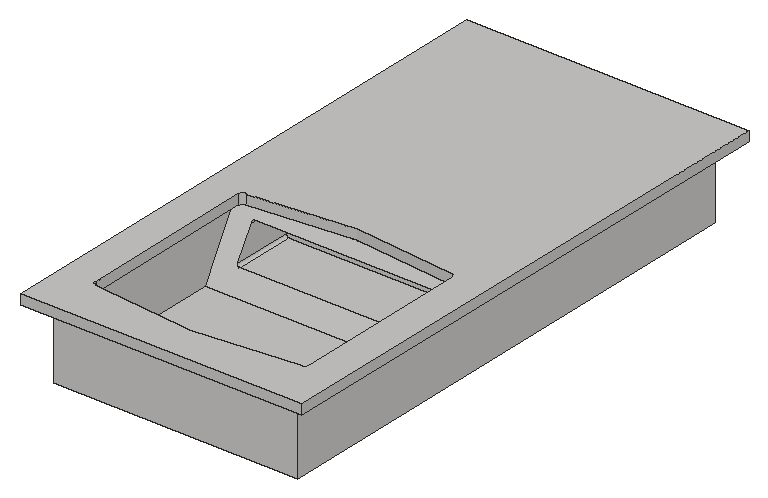
Revit family "Towel_Dispenser-Bradley_Corp-2447", category Specialty Equipment, host Face, Revit 2012
Parameters (values of type "Recessed")
  Width = 14 1/4"
  Warranty Information = "Complete unit, excepting mirrors warranted for one year.\r\n Stainless steel mirror frames for fifteen years.\r\n Plate glass mirrors for fifteen years.\r\n This warranty does not cover installation or any other labor charges and does not apply to any units,\r\n which have been damaged by accident, abuse, improper installation, improper maintenance, or altered in any way."
  Void Width = 12 11/16"
  Void Height = 26 5/8"
  Void Depth = 4"
  Version = "2.0"
  URL = "http://www.bradleycorp.com/"
  Type Comments = "Recessed"
  Technical Data = ""
  Specifications URL = "http://www.bradleycorp.com/3partspec"
  Product Tech Data URL - Spanish = ""
  Product Tech Data URL - French = ""
  Product Tech Data URL - English = "http://bradleycorp.com/download/160/8170.pdf"
  OmniClass Table 23 Title = "Paper Towel Dispenser, Disposal Units"
  OmniClass Table 23 Number = "23-31 25 19 11"
  OmniClass Table 21 Title = "Toilet, Bath, and Laundry Accessories"
  OmniClass Table 21 Number = "21-03 10 90 40"
  Modeling Code = ""
  Model = "2447-000000"
  MasterFormat Title = "Toilet Accessories"
  MasterFormat Number = "10 28 13. 13"
  Manufacturer = "Bradley Corporation"
  Industry Standards = ""
  Height = 28 1/4"
  Fire Rating = "n/a"
  Description = "Towel Dispenser"
  Depth of which projects = 1/2"
  Depth = 4 1/8"
  Default Elevation = 48"
  Copyright = "This Model Data is Property of Bradley Corporation"
  Cabinet Material = Metal - Bradley Corp - Stainless Steel Satin
  Buy American Act = "Yes"
  Assembly Code = "C1030200"
  ADA Compliant = "Yes"
Types (4): name | Void Depth | Type Comments | Model | Depth of which projects
  (no name) | 4" | "Recessed" | "2447-000000" | 1/2"
  Recessed | 4" | "Recessed" | "2447-000000" | 1/2"
  Semi-Recessed | 1 5/8" | "Semi-Recessed" | "2447-100000" | 2 1/2"
  Surface-Mounted | 1/128" | "Surface-Mounted" | "2447-110000" | 4 1/8"
Reference planes (in)
  plane 1 "Center (Front/Back)": y = 0
  plane 2: z = 0
  plane 3 "Center (Left/Right)": x = 0
  plane 4 "Front": z = 0.5
  plane 5 "Top": y = 14.125
  plane 6 "Right": x = 7.125
  plane 7 "Bottom": y = -14.125
  plane 8 "Left": x = -7.125
  plane 9 "Back": z = -3.625
  plane 10 "Panel": z = 0
  plane 11: x = -6.125
  plane 12: x = 6.125
  plane 13: y = -13.125
  plane 14: y = 13.125
  plane 15 "Center (Elevation)": y = -2.25
Forms (in)
  Extrusion 1, void
    sketch origin (0, 0, 0) x (1, 0, 0) y (0, 1, 0)
      loop
        line (-6.34375, 13.3125) -> (-6.34375, -13.3125) -> (6.34375, -13.3125) -> (6.34375, 13.3125) -> (-6.34375, 13.3125)
    from -4 to 0.5
  Extrusion 2, solid, material "Metal - Bradley Corp - Stainless Steel Satin" <- "Cabinet Material", detail levels fine
    sketch origin (0, 0, 0) x (1, 0, 0) y (0, 1, 0)
      loop
        line (-7.125, 14.125) -> (-7.125, -14.125) -> (7.125, -14.125) -> (7.125, 14.125) -> (-7.125, 14.125)
      loop
        line (6.125, -13.125) -> (6.125, 13.125) -> (-6.125, 13.125) -> (-6.125, -13.125) -> (6.125, -13.125)
    from 0 to 0.5
  Extrusion 3, solid, material "Metal - Bradley Corp - Stainless Steel Satin" <- "Cabinet Material"
    sketch origin (0, 0, -3.625) x (-1, 0, 0) y (0, -1, 0)
      loop
        line (6.125, -13.125) -> (6.125, 13.125) -> (-6.125, 13.125) -> (-6.125, -13.125) -> (6.125, -13.125)
    from 0 to 0.25
  Extrusion 4, solid, material "Metal - Bradley Corp - Stainless Steel Satin" <- "Cabinet Material", detail levels fine
    sketch origin (0, 0, -3.625) x (-1, 0, 0) y (0, -1, 0)
      loop
        line (6.125, -13.125) -> (6.125, 13.125) -> (-6.125, 13.125) -> (-6.125, -13.125) -> (6.125, -13.125)
      loop
        line (6.1875, -13.1875) -> (6.1875, 13.1875) -> (-6.1875, 13.1875) -> (-6.1875, -13.1875) -> (6.1875, -13.1875)
    from 0 to 4.125
  Extrusion 5, solid, material "Metal - Bradley Corp - Stainless Steel Satin" <- "Cabinet Material", detail levels fine
    sketch origin (0, 0, 0.5) x (-1, 0, 0) y (0, -1, 0)
      loop
        line (7.125, -14.125) -> (7.125, 14.125) -> (-7.125, 14.125) -> (-7.125, -14.125) -> (7.125, -14.125)
      loop
        arc (5.21847, 11.74826) -> (0, 12.25) -> (-5.21847, 11.74826) r 27.38907
        arc (-5.21847, 11.74826) -> (-5.35584, 11.66452) -> (-5.40932, 11.5128) r 0.23969
        arc (-5.40932, 11.5128) -> (-5.55791, 6.9993) -> (-5.40932, 2.4858) r 68.62059
        arc (-5.40932, 2.4858) -> (-5.35539, 2.33493) -> (-5.21847, 2.25174) r 0.23969
        arc (-5.21847, 2.25174) -> (0, 1.75) -> (5.21847, 2.25174) r 27.38907
        arc (5.21847, 2.25174) -> (5.35535, 2.33489) -> (5.40931, 2.48568) r 0.23968
        arc (5.40931, 2.48568) -> (5.55791, 6.99929) -> (5.40931, 11.51291) r 68.62059
        arc (5.40931, 11.51291) -> (5.3558, 11.66457) -> (5.21847, 11.74826) r 0.23968
    from 0 to -0.5
  Extrusion 6, solid, material "Metal - Bradley Corp - Stainless Steel Satin", detail levels coarse+medium
    sketch origin (0, 0, 0.5) x (-1, 0, 0) y (0, -1, 0)
      loop
        line (7.125, -14.125) -> (7.125, 14.125) -> (-7.125, 14.125) -> (-7.125, -14.125) -> (7.125, -14.125)
      loop
        line (-6.125, 13.125) -> (-6.125, -13.125) -> (6.125, -13.125) -> (6.125, 13.125) -> (-6.125, 13.125)
    from -0.5 to 0
  Extrusion 7, solid, material "Metal - Bradley Corp - Stainless Steel Satin", detail levels coarse+medium
    sketch origin (0, 0, 0.5) x (-1, 0, 0) y (0, -1, 0)
      loop
        line (6.125, -13.125) -> (6.125, 13.125) -> (-6.125, 13.125) -> (-6.125, -13.125) -> (6.125, -13.125)
      loop
        line (6.1875, -13.1875) -> (6.1875, 13.1875) -> (-6.1875, 13.1875) -> (-6.1875, -13.1875) -> (6.1875, -13.1875)
    from 0 to -4.125
  Extrusion 8, solid, material "Metal - Bradley Corp - Stainless Steel Satin", detail levels coarse+medium
    sketch origin (0, 0, 0.5) x (-1, 0, 0) y (0, -1, 0)
      loop
        line (7.125, -14.125) -> (7.125, 14.125) -> (-7.125, 14.125) -> (-7.125, -14.125) -> (7.125, -14.125)
      loop
        line (5.55791, 1.75) -> (5.55791, 12.25) -> (-5.55791, 12.25) -> (-5.55791, 1.75) -> (5.55791, 1.75)
    from -0.5 to 0
  Extrusion 9, solid, material "Metal - Bradley Corp - Stainless Steel Satin" <- "Cabinet Material", detail levels coarse
    sketch origin (0, 0, 0.5) x (-1, 0, 0) y (0, -1, 0)
      loop
        line (6.125, -13.125) -> (6.125, 13.125) -> (-6.125, 13.125) -> (-6.125, -13.125) -> (6.125, -13.125)
    from -0.5 to -3.875
  Extrusion 10, solid, material "Metal - Bradley Corp - Stainless Steel Satin" <- "Cabinet Material", detail levels fine
    sketch origin (0, 0, 0) x (0, 1, 0) y (0, 0, 1)
      loop
        line (-1.75, 0) -> (-3.69856, -3.375) -> (13.125, -3.375) -> (13.125, 0) -> (-1.75, 0)
    from -6.125 to 6.125
  Extrusion 11, void
    sketch origin (0, 0, 0) x (1, 0, 0) y (0, 0, 1)
      loop
        line (-4.965, -0.77227) -> (-4.965, -2.22773)
        arc (-4.965, -2.22773) -> (-4.92594, -2.32869) -> (-4.82911, -2.37707) r 0.15
        arc (-4.82911, -2.37707) -> (0, -2.60037) -> (4.82911, -2.37707) r 52.32866
        arc (4.82911, -2.37707) -> (4.92594, -2.32869) -> (4.965, -2.22773) r 0.15
        line (4.965, -2.22773) -> (4.965, -0.77227)
        arc (4.965, -0.77227) -> (4.92594, -0.67131) -> (4.82911, -0.62293) r 0.15
        arc (4.82911, -0.62293) -> (0, -0.3908) -> (-4.82911, -0.62293) r 50.34627
        arc (-4.82911, -0.62293) -> (-4.92594, -0.67131) -> (-4.965, -0.77227) r 0.15
    from 0 to 4.69876
  Extrusion 12, solid, material "Metal - Bradley Corp - Stainless Steel Satin" <- "Cabinet Material", detail levels medium
    sketch origin (0, 0, 0) x (0, 1, 0) y (0, 0, 1)
      loop
        line (13.125, -3.375) -> (13.125, 0) -> (-1.75, 0) -> (-3.69856, -3.375) -> (13.125, -3.375)
    from -6.125 to 6.125
Cuts and joins
  joined: Extrusion 2, Extrusion 4, Extrusion 5
  Extrusion 11 cuts Extrusion 6
  Extrusion 11 cuts Extrusion 7
  Extrusion 11 cuts Extrusion 8
  joined: Extrusion 6, Extrusion 7, Extrusion 8
  Extrusion 11 cuts Extrusion 10
Lines and regions (in)
  Masking region 1
    outline origin (0, 0, 0.5) x (-1, 0, 0) y (0, -1, 0)
      loop
        line (-7.125, 14.125) -> (-7.125, -14.125) -> (7.125, -14.125) -> (7.125, 14.125) -> (-7.125, 14.125)
  Masking region 2
    outline origin (0, 0, 0) x (1, 0, 0) y (0, 0, 1)
      loop
        line (7.125, 0.5) -> (-7.125, 0.5) -> (-7.125, 0) -> (7.125, 0) -> (7.125, 0.5)
  Masking region 3
    outline origin (0, 0, 0) x (0, 1, 0) y (0, 0, 1)
      loop
        line (-14.125, 0.5) -> (-14.125, 0) -> (14.125, 0) -> (14.125, 0.5) -> (-14.125, 0.5)
  model lines, detail levels fine
    curve 1: line (7.125, -14.125, 0) -> (7.125, 14.125, 0)
    curve 2: line (7.125, 14.125, 0) -> (-7.125, 14.125, 0)
    curve 3: line (-7.125, 14.125, 0) -> (-7.125, -14.125, 0)
    curve 4: line (-7.125, -14.125, 0) -> (7.125, -14.125, 0)
    curve 6: circle (-5.45411, 0, 0.5) r 0.30078 normal (0, 0, 1)
  model lines, detail levels medium+fine
    curve 5: circle (-5.45411, 0, 0.5) r 0.46094 normal (0, 0, 1)
  symbolic lines, detail levels medium+fine
    curve 7: line (-6.125, 13.125, 0.5) -> (6.125, 13.125, 0.5)
    curve 8: line (-6.125, -13.125, 0.5) -> (-6.125, 13.125, 0.5)
    curve 9: line (6.125, -13.125, 0.5) -> (-6.125, -13.125, 0.5)
    curve 10: line (6.125, 13.125, 0.5) -> (6.125, -13.125, 0.5)
    curve 25: circle (-5.45411, 0, 0.5) r 0.46094 normal (0, 0, 1)
  symbolic lines
    curve 11: arc (5.21847, -11.74826, 0.5) -> (0, -12.25, 0.5) -> (-5.21847, -11.74826, 0.5) r 27.38907
    curve 12: arc (-5.21847, -11.74826, 0.5) -> (-5.3558, -11.66457, 0.5) -> (-5.40931, -11.51291, 0.5) r 0.23968
    curve 13: arc (-5.40931, -11.51291, 0.5) -> (-5.55791, -6.99929, 0.5) -> (-5.40931, -2.48568, 0.5) r 68.62059
    curve 14: arc (-5.40931, -2.48568, 0.5) -> (-5.35535, -2.33489, 0.5) -> (-5.21847, -2.25174, 0.5) r 0.23968
    curve 15: arc (-5.21847, -2.25174, 0.5) -> (0, -1.75, 0.5) -> (5.21847, -2.25174, 0.5) r 27.38907
    curve 16: arc (5.21847, -2.25174, 0.5) -> (5.35539, -2.33493, 0.5) -> (5.40932, -2.4858, 0.5) r 0.23969
    curve 17: arc (5.40932, -2.4858, 0.5) -> (5.55791, -6.9993, 0.5) -> (5.40932, -11.5128, 0.5) r 68.62059
    curve 18: arc (5.40932, -11.5128, 0.5) -> (5.35584, -11.66452, 0.5) -> (5.21847, -11.74826, 0.5) r 0.23969
    curve 27: line (-5.47848, -3.69856, 0.5) -> (5.47848, -3.69856, 0.5)
  symbolic lines, detail levels fine
    curve 19: spline (4.83858, -3.12189, 0.5) -> (4.0345, -3.16141, 0.5) -> (3.22913, -3.19376, 0.5) -> (2.42275, -3.21894, 0.5) -> (1.61559, -3.23692, 0.5) -> (0.80792, -3.24771, 0.5) -> (0, -3.25131, 0.5) -> (-0.80792, -3.24771, 0.5) -> (-1.61559, -3.23692, 0.5) -> (-2.42275, -3.21894, 0.5) -> (-3.22913, -3.19376, 0.5) -> (-4.0345, -3.16141, 0.5) -> (-4.83858, -3.12189, 0.5)
    curve 20: spline (-4.83858, -3.12189, 0.5) -> (-4.8569, -3.11904, 0.5) -> (-4.87444, -3.11514, 0.5) -> (-4.89097, -3.11026, 0.5) -> (-4.90625, -3.10446, 0.5) -> (-4.9201, -3.09781, 0.5) -> (-4.93231, -3.09041, 0.5) -> (-4.94273, -3.08235, 0.5) -> (-4.95122, -3.07374, 0.5) -> (-4.95766, -3.0647, 0.5) -> (-4.96197, -3.05535, 0.5) -> (-4.96409, -3.04581, 0.5) -> (-4.964, -3.03621, 0.5)
    curve 21: spline (4.964, -3.03621, 0.5) -> (4.96409, -3.04581, 0.5) -> (4.96197, -3.05535, 0.5) -> (4.95766, -3.0647, 0.5) -> (4.95122, -3.07374, 0.5) -> (4.94273, -3.08235, 0.5) -> (4.93231, -3.09041, 0.5) -> (4.9201, -3.09781, 0.5) -> (4.90625, -3.10446, 0.5) -> (4.89097, -3.11026, 0.5) -> (4.87444, -3.11514, 0.5) -> (4.8569, -3.11904, 0.5) -> (4.83858, -3.12189, 0.5)
    curve 22: line (4.965, -3.03618, 0.5) -> (4.965, -2.20378, 0.5)
    curve 23: line (-4.965, -2.20378, 0.5) -> (-4.965, -3.03618, 0.5)
    curve 24: spline (-4.2279, -2.07829, 0.5) -> (-3.52494, -2.04694, 0.5) -> (-2.82106, -2.02128, 0.5) -> (-2.11644, -2.00132, 0.5) -> (-1.41127, -1.98705, 0.5) -> (-0.70573, -1.97849, 0.5) -> (0, -1.97564, 0.5) -> (0.70573, -1.97849, 0.5) -> (1.41127, -1.98705, 0.5) -> (2.11644, -2.00132, 0.5) -> (2.82106, -2.02128, 0.5) -> (3.52494, -2.04694, 0.5) -> (4.2279, -2.07829, 0.5)
    curve 26: circle (-5.45411, 0, 0.5) r 0.30078 normal (0, 0, 1)
Dimensions and locks (in)
  "Width": plane 8 "Left" to plane 6 "Right"
  "Height": plane 5 "Top" to plane 7 "Bottom"
  equal spacing: plane 7 "Bottom", plane 1 "Center (Front/Back)", plane 5 "Top"
  equal spacing: plane 8 "Left", plane 3 "Center (Left/Right)", plane 6 "Right"
  "Depth": plane 4 "Front" to plane 9 "Back"
  locked: plane 4 "Front" to plane 10 "Panel" at 0.5
  "Depth of which projects": plane 4 "Front" to plane 2
  equal spacing: Extrusion 1 sketch curve, plane 3 "Center (Left/Right)", Extrusion 1 sketch curve
  "Void Width": Extrusion 1 sketch curve to Extrusion 1 sketch curve
  equal spacing: Extrusion 1 sketch curve, plane 1 "Center (Front/Back)", Extrusion 1 sketch curve
  "Void Height": Extrusion 1 sketch curve to Extrusion 1 sketch curve
  locked: plane 5 "Top" to plane 14 at 1
  locked: plane 7 "Bottom" to plane 13 at 1
  locked: plane 8 "Left" to plane 11 at 1
  locked: plane 12 to plane 6 "Right" at 1
  "Void Depth": Extrusion 1 to plane 2
  locked: plane 12 to Extrusion 4 sketch curve at 0.0625
  locked: Extrusion 4 sketch curve to plane 11 at 0.0625
  locked: plane 13 to Extrusion 4 sketch curve at 0.0625
  locked: plane 14 to Extrusion 4 sketch curve at 0.0625
  locked: Extrusion 11 sketch curve to Extrusion 11 sketch curve at 9.93
  equal spacing: Extrusion 11 sketch curve, plane 3 "Center (Left/Right)", Extrusion 11 sketch curve
  cut or joined group of Extrusion 6, Extrusion 7, Extrusion 8, Extrusion 11 to plane 15 "Center (Elevation)" to cut or joined group of Extrusion 6, Extrusion 7, Extrusion 8, Extrusion 11 = 10", 1/2"
  locked: plane 4 "Front" to Extrusion 11 sketch curve at 1.12293  (x2)
  locked: plane 4 "Front" to Extrusion 11 sketch curve at 1.27227  (x2)
  locked: plane 4 "Front" to Extrusion 11 sketch curve at 2.72773  (x2)
  locked: plane 4 "Front" to Extrusion 11 sketch curve at 2.87707  (x2)
  radius of Extrusion 11 sketch curve = 0.15"  (x4)
  aligned and locked: plane 2 to host face
  aligned and locked: level to host face
  aligned and locked: plane 4 "Front" to Extrusion 1
  aligned and locked: Extrusion 2 sketch curve to plane 8 "Left"
  aligned and locked: Extrusion 2 sketch curve to plane 5 "Top"
  aligned and locked: plane 7 "Bottom" to Extrusion 2 sketch curve
  aligned and locked: Extrusion 2 sketch curve to plane 6 "Right"
  aligned and locked: Extrusion 2 sketch curve to plane 12
  aligned and locked: Extrusion 2 sketch curve to plane 13
  aligned and locked: plane 14 to Extrusion 2 sketch curve
  aligned and locked: Extrusion 2 sketch curve to plane 11
  aligned and locked: plane 4 "Front" to Extrusion 2
  aligned and locked: Extrusion 2 to plane 2
  aligned and locked: curve 1 to plane 10 "Panel"
  aligned and locked: curve 3 to plane 10 "Panel"
  aligned and locked: plane 10 "Panel" to curve 2
  aligned and locked: curve 4 to plane 10 "Panel"
  aligned and locked: Extrusion 3 sketch curve to plane 11
  aligned and locked: Extrusion 3 sketch curve to plane 14
  aligned and locked: Extrusion 3 sketch curve to plane 12
  aligned and locked: Extrusion 3 sketch curve to plane 13
  aligned and locked: Extrusion 4 sketch curve to plane 13
  aligned and locked: Extrusion 4 sketch curve to plane 11
  aligned and locked: Extrusion 4 sketch curve to plane 12
  aligned and locked: Extrusion 4 sketch curve to plane 14
  aligned and locked: plane 4 "Front" to Extrusion 4
  aligned and locked: Extrusion 4 to plane 9 "Back"
  aligned and locked: Extrusion 5 sketch curve to plane 8 "Left"
  aligned and locked: Extrusion 5 sketch curve to plane 5 "Top"
  aligned and locked: Extrusion 5 sketch curve to plane 6 "Right"
  aligned and locked: Extrusion 5 sketch curve to plane 7 "Bottom"
  aligned and locked: plane 4 "Front" to Extrusion 5
  aligned and locked: Extrusion 6 sketch curve to plane 11
  aligned and locked: Extrusion 6 sketch curve to plane 8 "Left"
  aligned and locked: Extrusion 6 sketch curve to plane 5 "Top"
  aligned and locked: Extrusion 6 sketch curve to plane 14
  aligned and locked: Extrusion 6 sketch curve to plane 13
  aligned and locked: Extrusion 6 sketch curve to plane 7 "Bottom"
  aligned and locked: Extrusion 7 sketch curve to plane 11
  aligned and locked: Extrusion 7 sketch curve to plane 14
  aligned and locked: Extrusion 7 sketch curve to plane 12
  aligned and locked: Extrusion 7 sketch curve to plane 13
  aligned and locked: plane 4 "Front" to Extrusion 6
  aligned and locked: Extrusion 6 to plane 2
  aligned and locked: Extrusion 7 to plane 4 "Front"
  aligned and locked: Extrusion 7 to plane 9 "Back"
  aligned and locked: Extrusion 8 sketch curve to plane 8 "Left"
  aligned and locked: Extrusion 8 sketch curve to plane 5 "Top"
  aligned and locked: Extrusion 8 sketch curve to plane 6 "Right"
  aligned and locked: Extrusion 8 sketch curve to plane 7 "Bottom"
  aligned and locked: plane 4 "Front" to Extrusion 8
  aligned and locked: Extrusion 8 to plane 10 "Panel"
  aligned and locked: Extrusion 9 sketch curve to plane 11
  aligned and locked: Extrusion 9 sketch curve to plane 14
  aligned and locked: Extrusion 9 sketch curve to plane 12
  aligned and locked: Extrusion 9 sketch curve to plane 13
  aligned and locked: Extrusion 9 to Extrusion 3
  aligned and locked: plane 10 "Panel" to Extrusion 9
  aligned and locked: Extrusion 10 sketch curve to plane 10 "Panel"
  aligned and locked: Extrusion 10 sketch curve to plane 14
  aligned and locked: Extrusion 10 sketch curve to Extrusion 9
  aligned and locked: Extrusion 10 to plane 11
  aligned and locked: plane 12 to Extrusion 10
  aligned and locked: Extrusion 12 sketch curve to plane 14
  aligned and locked: Extrusion 12 sketch curve to plane 10 "Panel"
  aligned and locked: Extrusion 12 sketch curve to Extrusion 9
  aligned and locked: Extrusion 12 to plane 11
  aligned and locked: plane 12 to Extrusion 12
  aligned and locked: Masking region 1 sketch curve to curve 4
  aligned and locked: Masking region 1 sketch curve to curve 1
  aligned and locked: Masking region 1 sketch curve to curve 2
  aligned and locked: Masking region 1 sketch curve to curve 3
  aligned and locked: Masking region 2 sketch curve to cut or joined group of Extrusion 2, Extrusion 4, Extrusion 5  (x4)
  aligned and locked: Masking region 3 sketch curve to cut or joined group of Extrusion 2, Extrusion 4, Extrusion 5  (x4)
Automatic sketch dimensions
  host sketch curve to host sketch curve = 18.558"
  host sketch curve to host sketch curve = 34.09691"
  curve 1 to Extrusion 2 = 0"  (x2)
  curve 2 to Extrusion 2 = 0"  (x2)
  curve 3 to Extrusion 2 = 0"  (x2)
  curve 4 to Extrusion 2 = 0"  (x2)
  Extrusion 6 sketch curve to plane 6 "Right" = 0"
  Extrusion 6 sketch curve to plane 12 = 0"
  Extrusion 7 sketch curve to plane 11 = 1/16"
  plane 14 to Extrusion 7 sketch curve = 1/16"
  plane 13 to Extrusion 7 sketch curve = 1/16"
  plane 12 to Extrusion 7 sketch curve = 1/16"
  Extrusion 8 sketch curve to plane 12 = 0.56709"
  plane 11 to Extrusion 8 sketch curve = 0.56709"
  plane 1 "Center (Front/Back)" to Extrusion 8 sketch curve = 1 3/4"
  Extrusion 8 sketch curve to plane 13 = 7/8"
  plane 1 "Center (Front/Back)" to Extrusion 10 sketch curve = 1 3/4"
  Extrusion 11 sketch curve to Extrusion 11 sketch curve = 0"  (x2)
  plane 1 "Center (Front/Back)" to Extrusion 10 sketch curve = 3.69856"
  Extrusion 5 sketch curve to plane 3 "Center (Left/Right)" = 0"  (x2)
  Extrusion 5 sketch curve to plane 15 "Center (Elevation)" = 4.74929"  (x2)
  Extrusion 5 sketch curve to plane 15 "Center (Elevation)" = 0.2358"
  Extrusion 5 sketch curve to plane 12 = 0.71568"  (x2)
  Extrusion 5 sketch curve to Extrusion 5 sketch curve = 0.19084"  (x2)
  Extrusion 5 sketch curve to plane 15 "Center (Elevation)" = 0.00174"  (x2)
  Extrusion 5 sketch curve to plane 15 "Center (Elevation)" = 0.2364"
  Extrusion 5 sketch curve to Extrusion 5 sketch curve = 0.04884"  (x2)
  plane 11 to Extrusion 5 sketch curve = 0.95537"  (x2)
  Extrusion 5 sketch curve to Extrusion 5 sketch curve = 0.23968"  (x2)
  Extrusion 5 sketch curve to plane 15 "Center (Elevation)" = 0.23568"
  plane 5 "Top" to Extrusion 5 sketch curve = 1.01407"
  Extrusion 5 sketch curve to Extrusion 5 sketch curve = 0.00081"
  plane 7 "Bottom" to Extrusion 5 sketch curve = 15.01407"
  plane 6 "Right" to Extrusion 5 sketch curve = 55.93767"
  plane 8 "Left" to Extrusion 5 sketch curve = 55.93767"
  plane 15 "Center (Elevation)" to Extrusion 12 sketch curve = 1/2"
  Extrusion 12 sketch curve to plane 15 "Center (Elevation)" = 1.44856"
  curve 5 to curve 6 = 0"  (x2)
  curve 5 to curve 25 = 0"  (x2)
  curve 5 to curve 26 = 0"  (x2)
  curve 19 to plane 3 "Center (Left/Right)" = 0"
  curve 15 to plane 3 "Center (Left/Right)" = 0"
  curve 11 to plane 3 "Center (Left/Right)" = 0"
  curve 24 to plane 3 "Center (Left/Right)" = 0"
  plane 1 "Center (Front/Back)" to curve 5 = 0"
  curve 7 to plane 11 = 0"
  curve 7 to plane 14 = 0"
  plane 13 to curve 8 = 0"
  plane 5 "Top" to curve 19 = 5.30056"
  plane 6 "Right" to curve 19 = 38.22874"
  curve 13 to plane 15 "Center (Elevation)" = 4.74929"
  curve 13 to curve 19 = 17.70893"
  curve 17 to plane 15 "Center (Elevation)" = 0.2358"
  curve 17 to plane 12 = 0.71568"  (x2)
  curve 18 to curve 18 = 0.19084"
  curve 16 to plane 15 "Center (Elevation)" = 0.00174"
  curve 17 to curve 16 = 0.19084"
  curve 16 to plane 15 "Center (Elevation)" = 0.2364"
  curve 11 to curve 18 = 0.04884"
  curve 16 to curve 22 = 0.20463"
  curve 22 to curve 21 = 0.00067"
  curve 22 to curve 21 = 0.001"
  curve 21 to curve 19 = 0.12575"
  curve 19 to curve 21 = 0.0401"
  plane 15 "Center (Elevation)" to curve 24 = 0.17171"
  curve 24 to curve 20 = 0.57058"
  curve 20 to curve 20 = 0.0401"
  curve 19 to curve 20 = 0.12542"
  curve 20 to curve 20 = 0.00033"
  plane 15 "Center (Elevation)" to curve 23 = 0.04622"
  plane 11 to curve 12 = 0.95537"
  curve 23 to curve 14 = 0.20463"
  curve 12 to curve 11 = 0.04884"
  curve 15 to plane 15 "Center (Elevation)" = 0.00174"
  curve 14 to curve 14 = 0.23968"
  curve 12 to curve 13 = 0.23968"
  plane 11 to curve 5 = 0.67089"
  curve 17 to plane 15 "Center (Elevation)" = 4.74929"
  curve 24 to curve 17 = 19.42431"
  plane 5 "Top" to curve 11 = 1.01407"
  curve 13 to plane 15 "Center (Elevation)" = 0.23568"
  curve 14 to curve 23 = 0.54979"
  curve 16 to curve 22 = 0.54979"
  curve 23 to curve 20 = 0.00003"
  curve 22 to curve 21 = 0.00003"
  curve 20 to curve 20 = 0.00522"
  curve 18 to curve 18 = 0.00081"
  curve 7 to plane 12 = 0"
  curve 27 to plane 12 = 0.64652"
  curve 22 to curve 24 = 0.7371"
  curve 20 to curve 27 = 0.51416"
  curve 24 to curve 15 = 5.34425"
  radius of curve 5 = 59/128"
  radius of curve 6 = 77/256"
  radius of curve 25 = 59/128"
  radius of curve 26 = 77/256"
